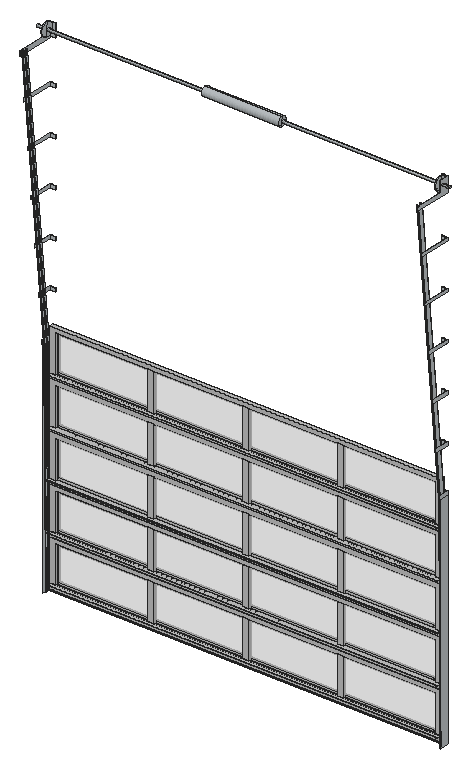
Revit family "Door_SectionalOverhead_RW_Polytite-VerticalLift", category Doors, host Wall, Revit 2026
Family settings
  Host = Wall
  Classification Number = 23.30.10.17.37.14
  Always vertical = Yes
  Cut with Voids When Loaded = No
  Shared = No
  Room Calculation Point = No
Parameters (values of type "ByType")
  Wind Load = ""
  Water Penetration = ""
  Standard Bottom [instance] = not(Solid Bottom Panel)  # yes
  Spring Width = Width + 1' 0"  # 16' - 0"
  Spring Length = 3' - 0"
  Spring Ht [instance] = (Height * 2) + 1' 3"  # 19' - 7"
  Sound Transmission Class (STC) = 0
  Solid Bottom Panel [instance] = no
  Shaft Diameter = 0' - 1"
  Revision = "R1_12-2011"
  RO Offset = 0' - 0"
  Panels = if(Height < 8' 2", 4, if(Height < 10' 2", 5, if(Height < 12' 2", 6, if(Height < 14' 2", 7, if(Height < 16' 2", 8, 9)))))  # 5
  Panel Material - Interior = Metal - Steel - Richards Wilcox - Painted - Silver - Ribbed
  Panel Material - Exterior = Metal - Steel - Richards Wilcox - Painted - Silver - Multi-Rib
  Panel Height = Height / Panels  # 1' - 10"
  Hardware Finish = Metal - Steel - Richards Wilcox - Galvanized
  Glass Thickness [instance] = 0' - 0 5/8"
  Function = Interior
  Frame Thickness = 0' - 4 3/4"
  Door Glazing = Plastic - Polycarbonate - Richards Wilcox - Translucent
  Define Thermal Properties by = Schematic Type
  Curve Radius = 1' - 0"
  CE Compliant = no
  Building Code Conformance = ""
  ArrayPanels [instance] = Panels - 2  # 3
  Analytic Construction = "<None>"
  Aluminum Material = Metal - Aluminum - Richards Wilcox - Anodized - Clear
  Air Infiltration = ""
  ASTM Conformance = ""
  Panel Width = Width + 0' 2"  # 15' - 2"
  Manufacturer Phone = "905-625-0037 "
  Warranty Duration (Years) = 0
  URL = "http://www.rwdoors.com/"
  Thickness = 0' - 1 3/4"
  Test Data = ""
  Specification = "http://www.arcat.com/sd/clients/richwilc.html?coid=43101"
  SpecWizard = "http://www.arcat.com/specwizard/clients/richwilc.html?coid=43101"
  Send Message = "http://www.arcat.com/users.pl?action=UserEmail&company=Richards-Wilcox%20Canada&coid=43101&rep=119&fax=905-625-0057&mf="
  Sales Information = "http://www.rwdoors.com/residential/en/contact.php"
  Rough Width = (Width + (RO Offset * 2))  # 15' - 0"
  Rough Height = (Height + (RO Offset))  # 9' - 2"
  R_Value = 2.5
  Product Properties = ""
  Product Data = "http://www.arcat.com/arcatcos/cos43/arc43101.html"
  Manufacturer Website = "http://www.rwdoors.com/"
  Manufacturer Phone - Toll Free = ""
  Manufacturer Fax = "905-625-0057"
  Manufacturer Address = "5100 Timberlea Blvd. Mississauga, ON Canada L4W 2S5\r\n"
  Maintenance Schedule (Months) = 0
  Installation-Fabrication = "http://www.rwdoors.com/"
  Installation Phase = ""
  Green Building-LEED = "http://www.arcat.com/green/clients/leed_data_43101.html"
  Model = "As Specified"
  Manufacturer = "Richards-Wilcox Canada"
  Keynote = "08360"
  Height = 9' - 2"
  Wall Closure = By host
  Width = 15' - 0"
  Fire Rating = ""
  Expected Lifespan (Years) = 0
  Drawn By = "Sumex Design, Inc. / Robert S. Weygant, CSI, CDT, SCIP"
  Description = "Richards-Wilcox Overhead Door as Specified"
  Copyright = "©Arcat Inc."
  Construction Details = "http://www.arcat.com/details/richwilc/richwilc.html?coid=43101"
  Building Codes = ""
  Assembly Code = "B2030410"
  ADA Compliant = yes
  AAMA Designation = ""
  3in Track [instance] = no
Reference planes (in)
  plane 1 "Center (Front/Back)": y = -33.96225
  plane 2 "Center (Left/Right)": x = 64.28704
  plane 3: z = 0
  plane 4 "Right": x = 154.28704
  plane 5 "Left": x = -25.71296
  plane 6: z = 0
  plane 7 "Top of Frame": z = 110
  plane 8 "RO Top": z = 110
  plane 9 "RO Right": x = 154.28704
  plane 10 "RO Left": x = -25.71296
  plane 11 "Exterior Wall Face": y = -30.96225
  plane 12 "Interior Wall Face": y = -36.96225
  plane 13: y = -37.08725
  plane 14: z = 23
  plane 15: z = 45
  plane 16: z = 1
  plane 17: y = -39.96225
Forms (in)
  Extrusion 1, solid, material "Rubber - Richards Wilcox - Black"
    sketch origin (-25.71296, 0, 0) x (0, 0, 1) y (0, 1, 0)
      loop
        arc (0.625, -37.21225) -> (0, -37.83725) -> (0.625, -38.46225) r 0.625
        line (0.625, -38.46225) -> (1, -38.46225) -> (1, -37.21225) -> (0.625, -37.21225)
    from 1 to -181
Lines and regions (in)
  Opening 1
    outline origin (-109.33485, -36.96225, 0) x (1, 0, 0) y (0, 0, 1)
      loop
        line (83.62189, 0) -> (263.62189, 0) -> (263.62189, 110) -> (83.62189, 110) -> (83.62189, 0)
Text (in)
  text "Exterior" at (50.54558, 62.1328, 0), in view "A101 - Plan View"
  text "Interior" at (50.54558, -116.72319, 0), in view "A101 - Plan View"
  text "Exterior" at (0, -17.98638, 123.01588), in view "Right"
  text "Interior" at (0, -64.39139, 123.01588), in view "Right"
  text "Interior" at (0, -52.09468, 121.14095), in view "Left"
  text "Exterior" at (0, 26.35325, 123.00693), in view "Left"
Dimensions and locks (in)
  equal spacing: plane 4 "Right", plane 2 "Center (Left/Right)", plane 5 "Left"
  "Width": plane 5 "Left" to plane 4 "Right"
  "Height": level to plane 7 "Top of Frame"
  "RO Offset": plane 5 "Left" to plane 10 "RO Left"
  "RO Offset": plane 9 "RO Right" to plane 4 "Right"
  "RO Offset": plane 8 "RO Top" to plane 7 "Top of Frame"
  locked: plane 13 to plane 12 "Interior Wall Face" at 0.125
  "Panel Height": plane 16 to plane 14
  "Panel Height": plane 14 to plane 15
  locked: level to plane 16 at 1
  locked: plane 4 "Right" to Extrusion 1 at 1
  locked: plane 12 "Interior Wall Face" to plane 17 at 3
  "Spring Ht": level to nested 5
  equal spacing: group 1, group 2, group 3  (x3)
  "Height": plane 16 to nested 2
  aligned and locked: host wall to plane 1 "Center (Front/Back)"
  aligned and locked: Opening 1 sketch curve to level
  aligned and locked: plane 9 "RO Right" to Opening 1 sketch curve
  aligned and locked: plane 10 "RO Left" to Opening 1 sketch curve
  aligned and locked: Opening 1 sketch curve to plane 8 "RO Top"
  aligned and locked: host wall to plane 11 "Exterior Wall Face"
  aligned and locked: host wall to plane 12 "Interior Wall Face"
  aligned and locked: plane 2 "Center (Left/Right)" to nested 1
  aligned and locked: nested 1 to plane 13
  aligned and locked: plane 16 to nested 1
  aligned and locked: plane 2 "Center (Left/Right)" to nested 2
  aligned and locked: plane 13 to nested 2
  aligned and locked: nested 4 to plane 4 "Right"
  aligned and locked: nested 3 to plane 5 "Left"
  aligned and locked: nested 3 to plane 12 "Interior Wall Face"
  aligned and locked: nested 4 to plane 12 "Interior Wall Face"
  aligned and locked: plane 2 "Center (Left/Right)" to nested 5
  aligned and locked: plane 2 "Center (Left/Right)" to nested 6
  aligned and locked: plane 2 "Center (Left/Right)" to nested 7
  aligned and locked: plane 14 to nested 6
  aligned and locked: plane 15 to nested 7
  aligned and locked: plane 16 to nested 9
  aligned and locked: plane 2 "Center (Left/Right)" to nested 9
  aligned and locked: nested 9 to plane 13
  aligned and locked: plane 13 to nested 6
  aligned and locked: plane 13 to nested 7
Automatic sketch dimensions
  Extrusion 1 sketch curve to plane 16 = 0' - 0"
  Extrusion 1 sketch curve to Extrusion 1 sketch curve = 0' - 0 3/8"
  Extrusion 1 sketch curve to plane 13 = 0' - 0 1/8"
  Extrusion 1 sketch curve to Extrusion 1 sketch curve = 0' - 0 5/8"
Nested families (in)
  nested 1: "Panel_Polytite" at (64.28704, -37.96225, 1), Glass Type <- "Door Glazing", Unit Width <- "Panel Width", Unit Height <- "Panel Height", Unit Depth <- "Thickness", Glass Thickness <- "Glass Thickness", visible <- "Standard Bottom", type "Panel_Polytite"
    with offset 0' - 0", Unit Width 15' - 2", Unit Height 1' - 10", Unit Depth 0' - 1 3/4", Top Panel no, Stile Width_Sides 0' - 2 1/2", Spc 3' - 8 1/4", SingleMullion no, Rail Width_Top 0' - 2 1/4", Rail Width_Bottom 0' - 2 9/16", MultiMullion yes, Muls Actual 3, Mullion Height 1' - 5 3/16", Glass Type Plastic - Polycarbonate - Richards Wilcox - Translucent, Glass Thickness 0' - 0 5/8", Double End Roller Brackets no, Bottom Panel yes, # Mullions 3
  nested 2: "Panel_Polytite" at (64.28704, -37.96225, 89), Glass Type <- "Door Glazing", Unit Width <- "Panel Width", Unit Height <- "Panel Height", Unit Depth <- "Thickness", Glass Thickness <- "Glass Thickness", type "Panel_Polytite"
    with offset 0' - 0", Unit Width 15' - 2", Unit Height 1' - 10", Unit Depth 0' - 1 3/4", Top Panel yes, Stile Width_Sides 0' - 2 1/2", Spc 3' - 8 1/4", SingleMullion no, Rail Width_Top 0' - 2 3/16", Rail Width_Bottom 0' - 2 1/4", MultiMullion yes, Muls Actual 3, Mullion Height 1' - 5 9/16", Glass Type Plastic - Polycarbonate - Richards Wilcox - Translucent, Glass Thickness 0' - 0 5/8", Double End Roller Brackets no, Bottom Panel no, # Mullions 3
  nested 3: "Track_Vertical" at (-25.71296, -36.96225, 0), 3in Track <- "3in Track", Material <- "Hardware Finish", Unit Height <- "Height", type "Track_Vertical"
    with offset 0' - 0", Vert Height 10' - 2", VOffset 1' - 0.82272", Unit Height 9' - 2", Track Depth 0' - 2", Material Metal - Steel - Richards Wilcox - Galvanized, A 0' - 1 1/2", 3in Track no
  nested 4: "Track_Vertical" at (154.28704, -36.96225, 0) x (-1, 0, 0) z (0, 0, 1), 3in Track <- "3in Track", Material <- "Hardware Finish", Unit Height <- "Height", type "Track_Vertical"
    with offset 0' - 0", Vert Height 10' - 2", VOffset 1' - 0.82272", Unit Height 9' - 2", Track Depth 0' - 2", Material Metal - Steel - Richards Wilcox - Galvanized, A 0' - 1 1/2", 3in Track no
  nested 5: "Spring" at (64.28704, -39.96225, 235) x (1, 0, 0) z (0, -1, 0), Material <- "Hardware Finish", Unit Width <- "Spring Width", Spring Length <- "Spring Length", type "Spring"
    with offset 0' - 0", Unit Width 16' - 0", Spring Length 3' - 0", Material Metal - Steel - Richards Wilcox - Galvanized
  nested 6: "Panel_Polytite" at (64.28704, -37.96225, 23), Glass Type <- "Door Glazing", Unit Width <- "Panel Width", Unit Height <- "Panel Height", Unit Depth <- "Thickness", Glass Thickness <- "Glass Thickness", type "Panel_Polytite"
    with offset 0' - 0", Unit Width 15' - 2", Unit Height 1' - 10", Unit Depth 0' - 1 3/4", Top Panel no, Stile Width_Sides 0' - 2 1/2", Spc 3' - 8 1/4", SingleMullion no, Rail Width_Top 0' - 2 1/4", Rail Width_Bottom 0' - 2 1/4", MultiMullion yes, Muls Actual 3, Mullion Height 1' - 5 1/2", Glass Type Plastic - Polycarbonate - Richards Wilcox - Translucent, Glass Thickness 0' - 0 5/8", Double End Roller Brackets no, Bottom Panel no, # Mullions 3
  nested 7: "Panel_Polytite" at (64.28704, -37.96225, 45), Glass Type <- "Door Glazing", Unit Width <- "Panel Width", Unit Height <- "Panel Height", Unit Depth <- "Thickness", Glass Thickness <- "Glass Thickness", type "Panel_Polytite"
    with offset 0' - 0", Unit Width 15' - 2", Unit Height 1' - 10", Unit Depth 0' - 1 3/4", Top Panel no, Stile Width_Sides 0' - 2 1/2", Spc 3' - 8 1/4", SingleMullion no, Rail Width_Top 0' - 2 1/4", Rail Width_Bottom 0' - 2 1/4", MultiMullion yes, Muls Actual 3, Mullion Height 1' - 5 1/2", Glass Type Plastic - Polycarbonate - Richards Wilcox - Translucent, Glass Thickness 0' - 0 5/8", Double End Roller Brackets no, Bottom Panel no, # Mullions 3
  nested 8: "Panel_Polytite" at (64.28704, -37.96225, 67), Glass Type <- "Door Glazing", Unit Width <- "Panel Width", Unit Height <- "Panel Height", Unit Depth <- "Thickness", Glass Thickness <- "Glass Thickness", type "Panel_Polytite"
    with offset 0' - 0", Unit Width 15' - 2", Unit Height 1' - 10", Unit Depth 0' - 1 3/4", Top Panel no, Stile Width_Sides 0' - 2 1/2", Spc 3' - 8 1/4", SingleMullion no, Rail Width_Top 0' - 2 1/4", Rail Width_Bottom 0' - 2 1/4", MultiMullion yes, Muls Actual 3, Mullion Height 1' - 5 1/2", Glass Type Plastic - Polycarbonate - Richards Wilcox - Translucent, Glass Thickness 0' - 0 5/8", Double End Roller Brackets no, Bottom Panel no, # Mullions 3
  nested 9: "Panel_Standard" at (64.28704, -37.96225, 1), Glass Type <- "Door Glazing", Unit Width <- "Panel Width", Unit Height <- "Panel Height", Unit Depth <- "Thickness", Glass Thickness <- "Glass Thickness", visible <- "Solid Bottom Panel", type "No Windows"
    with Void Space 3' - 9 1/2", Void CL 1' - 10 3/4", Unit Width 15' - 2", Unit Height 1' - 10", Unit Depth 0' - 1 3/4", Glass Type Plastic - Polycarbonate - Richards Wilcox - Translucent, Glass Thickness 0' - 0 5/8", # Windows 4, Window Width 1' - 0", Window Height 0' - 8", Windows no, VoidDepth 0' - 0 1/2"
Definition of nested family "Panel_Polytite"
  Parameters
    offset [instance] = 0' - 0"
    Top Panel [instance] = no
    Spc [instance] = (Unit Width - (Stile Width_Sides * 2)) / (# Mullions + 1)  # 3' - 2.8"
    SingleMullion [instance] = # Mullions = 1  # no
    Rail Width_Top [instance] = if(Top Panel, 0' 2 3/16", 0' 2 1/4")  # 0' - 2 1/4"
    Stile Width_Sides [instance] = if(Double End Roller Brackets, 0' 5", 0' 2 1/2")  # 0' - 5"
    Rail Width_Bottom [instance] = if(Bottom Panel, 0' 2 9/16", 0' 2 1/4")  # 0' - 2 1/4"
    MultiMullion [instance] = # Mullions > 1  # yes
    Muls Actual [instance] = if(# Mullions > 1, # Mullions, 2)  # 4
    Mullion Width = 0' - 3"
    Mullion Height [instance] = Unit Height - Rail Width_Top - Rail Width_Bottom  # 1' - 7 1/2"
    Mullion Depth = 0' - 0 7/8"
    Glass Thickness [instance] = 0' - 0 5/8"
    Double End Roller Brackets [instance] = Unit Width > 16' 2"  # yes
    Bottom Panel [instance] = no
    # Mullions [instance] = if(Unit Width < 9' 3", 1, if(Unit Width < 12' 3", 2, if(Unit Width < 16' 3", 3, if(Unit Width < 19' 3", 4, 5))))  # 4
    Warranty Duration (Years) = 0
    Unit Width [instance] = 17' - 0"
    Unit Height [instance] = 2' - 0"
    Unit Depth [instance] = 0' - 1 3/4"
    URL = "http://www.rwdoors.com/"
    Specification = "http://www.arcat.com/sd/clients/richwilc.html?coid=43101"
    SpecWizard = "http://www.arcat.com/specwizard/clients/richwilc.html?coid=43101"
    Send Message = "http://www.arcat.com/users.pl?action=UserEmail&company=Richards-Wilcox%20Canada&coid=43101&rep=119&fax=905-625-0057&mf="
    Sales Information = "http://www.rwdoors.com/residential/en/contact.php"
    Revision = "R1_12-2011"
    Product Properties = ""
    Product Data = "http://www.arcat.com/arcatcos/cos43/arc43101.html"
    Model = "As Specified"
    Manufacturer Website = "http://www.rwdoors.com/"
    Manufacturer Phone - Toll Free = ""
    Manufacturer Phone = "905-625-0037 "
    Manufacturer Fax = "905-625-0057"
    Manufacturer Address = "5100 Timberlea Blvd. Mississauga, ON Canada L4W 2S5"
    Manufacturer = "Richards-Wilcox Canada"
    Maintenance Schedule (Months) = 0
    Keynote = "08360"
    Installation-Fabrication = "http://www.rwdoors.com/"
    Installation Phase = ""
    Green Building-LEED = "http://www.arcat.com/green/clients/leed_data_43101.html"
    Glass Type [instance] = none
    Frame Material = none
    Expected Lifespan (Years) = 0
    Drawn By = "Sumex Design, Inc. / Robert S. Weygant, CSI, CDT, SCIP"
    Description = "Richards-Wilcox Overhead Door as Specified"
    Copyright = "©Arcat Inc."
    Construction Details = "http://www.arcat.com/details/richwilc/richwilc.html?coid=43101"
    Assembly Code = "B2030410"
  Reference planes (in)
    plane 1 "Center (Front/Back)": y = 0
    plane 2 "Bottom": z = 0
    plane 3 "Center (Left/Right)": x = 0
    plane 4 "Front": y = -0.875
    plane 5 "Back": y = 0.875
    plane 6 "Left": x = -102
    plane 7 "Right": x = 102
    plane 8 "Top": z = 24
    plane 9: z = 12
    plane 10: z = 21.75
    plane 11: z = 2.25
    plane 12: x = -97
    plane 13: x = 97
    plane 14: y = 0.125
    plane 15: y = 0.75
  Forms (in)
    Extrusion 1, solid, material <- "Frame Material"
      sketch origin (-11.94222, 0.875, 48) x (-1, 0, 0) y (0, 0, 1)
        loop
          line (90.05778, -24) -> (-113.94222, -24) -> (-113.94222, -48) -> (90.05778, -48) -> (90.05778, -24)
        loop
          line (-108.94222, -45.75) -> (85.05778, -45.75) -> (85.05778, -26.25) -> (-108.94222, -26.25) -> (-108.94222, -45.75)
      from 0 to -1.75
    Extrusion 2, solid, material <- "Glass Type"
      sketch origin (0, 0.75, 21.375) x (0, 0, -1) y (-1, 0, 0)
        loop
          line (-0.25, 96.875) -> (-0.25, -96.875) -> (19, -96.875) -> (19, 96.875) -> (-0.25, 96.875)
      from -0.625 to 0
    Extrusion 3, solid, material <- "Frame Material"
      sketch origin (-102, 16.34522, 48) x (0, 1, 0) y (0, 0, 1)
        loop
          line (-17.22022, -45.75) -> (-18.97022, -45.75) -> (-18.97022, -45.855) -> (-17.22022, -45.855) -> (-17.22022, -45.75)
      from 0 to 204
    Sweep 4, solid, material <- "Frame Material"
      path origin (0, 0.125, 21.02117) x (0, 0, -1) y (-1, 0, 0)
        loop
          line (-0.72883, 97) -> (-0.72883, -97) -> (18.77117, -97) -> (18.77117, 97) -> (-0.72883, 97)
      profile origin (0, 0.125, 21.75) x (0, 0, -1) y (0, 1, 0)
        loop
          line (0.125, 0) -> (0.125, 0.625) -> (0.75, 0.625) -> (0.75, 0.75) -> (0, 0.75) -> (0, -0.125) -> (0.75, -0.125) -> (0.75, 0) -> (0.125, 0)
  Cuts and joins
    joined: Extrusion 1, Extrusion 3
  Dimensions and locks (in)
    equal spacing: plane 6 "Left", plane 3 "Center (Left/Right)", plane 7 "Right"
    "Unit Width": plane 6 "Left" to plane 7 "Right"
    equal spacing: plane 5 "Back", plane 1 "Center (Front/Back)", plane 4 "Front"
    "Unit Depth": plane 5 "Back" to plane 4 "Front"
    "Unit Height": plane 8 "Top" to level
    equal spacing: plane 8 "Top", plane 9, level
    "Stile Width_Sides": plane 7 "Right" to plane 13
    "Stile Width_Sides": plane 12 to plane 6 "Left"
    "Rail Width_Top": plane 8 "Top" to plane 10
    "Rail Width_Bottom": plane 11 to level
    equal spacing: group 1, group 3, group 4, group 2  (x3)
    "Spc": plane 12 to nested 1
    "Spc": nested 2 to plane 13
    "Glass Thickness": plane 15 to plane 14
    locked: Sweep 4 sketch curve to plane 15 at 0.125
    locked: plane 5 "Back" to plane 15 at 0.125
    aligned and locked: Extrusion 1 to plane 4 "Front"
    aligned and locked: plane 7 "Right" to Extrusion 3
    aligned and locked: plane 11 to nested 2
    aligned and locked: plane 11 to nested 1
    aligned and locked: Extrusion 2 to plane 14
    aligned and locked: plane 11 to nested 4
    aligned and locked: plane 3 "Center (Left/Right)" to nested 4
    aligned and locked: plane 4 "Front" to nested 1
    aligned and locked: nested 2 to plane 4 "Front"
    aligned and locked: plane 4 "Front" to nested 4
    aligned and locked: Sweep 4 sketch curve to plane 15
  Automatic sketch dimensions
    Extrusion 1 sketch curve to plane 7 "Right" = 0' - 0"
    Extrusion 1 sketch curve to plane 10 = 0' - 0"
    Extrusion 1 sketch curve to plane 13 = 0' - 0"
    Extrusion 1 sketch curve to plane 11 = 0' - 0"
    Extrusion 1 sketch curve to plane 12 = 0' - 0"
    Extrusion 1 sketch curve to plane 6 "Left" = 0' - 0"
    Extrusion 1 sketch curve to level = 0' - 0"
    Extrusion 1 sketch curve to plane 8 "Top" = 0' - 0"
    Extrusion 3 sketch curve to plane 11 = 0' - 0"
    Extrusion 3 sketch curve to plane 4 "Front" = 0' - 0"
    Extrusion 3 sketch curve to plane 11 = 0' - 0.105"
    Extrusion 3 sketch curve to plane 4 "Front" = 0' - 1 3/4"
    Extrusion 2 sketch curve to plane 10 = 0' - 0 1/8"
    plane 11 to Extrusion 2 sketch curve = 0' - 0 1/8"
    Extrusion 2 sketch curve to plane 13 = 0' - 0 1/8"
    plane 12 to Extrusion 2 sketch curve = 0' - 0 1/8"
    Sweep 4 sketch curve to plane 10 = 0' - 0"
    Sweep 4 sketch curve to plane 11 = 0' - 0"
    Sweep 4 sketch curve to plane 13 = 0' - 0"
    Sweep 4 sketch curve to plane 12 = 0' - 0"
    Sweep 4 sketch curve to plane 14 = 0' - 0"
    Sweep 4 sketch curve to profile plane = 0' - 0 1/8"
    Sweep 4 sketch curve to Sweep 4 sketch curve = 0' - 0 5/8"
    Sweep 4 sketch curve to Sweep 4 sketch curve = 0' - 0"
    Sweep 4 sketch curve to plane 14 = 0' - 0 1/8"
    Sweep 4 sketch curve to profile plane = 0' - 0"
  Nested families (in)
    nested 1: "Mullion" at (-58.2, -0.4375, 2.25), Material <- "Frame Material", Unit Width <- "Mullion Width", Unit Height <- "Mullion Height", Unit Depth <- "Mullion Depth", visible <- "MultiMullion", type "Mullion"
      with offset 0' - 0", Unit Width 0' - 3", Unit Height 1' - 7 1/2", Unit Depth 0' - 0 7/8", Material none
    nested 2: "Mullion" at (58.2, -0.4375, 2.25), Material <- "Frame Material", Unit Width <- "Mullion Width", Unit Height <- "Mullion Height", Unit Depth <- "Mullion Depth", visible <- "MultiMullion", type "Mullion"
      with offset 0' - 0", Unit Width 0' - 3", Unit Height 1' - 7 1/2", Unit Depth 0' - 0 7/8", Material none
    nested 3: "Mullion" at (-19.4, -0.4375, 2.25), Material <- "Frame Material", Unit Width <- "Mullion Width", Unit Height <- "Mullion Height", Unit Depth <- "Mullion Depth", visible <- "MultiMullion", type "Mullion"
      with offset 0' - 0", Unit Width 0' - 3", Unit Height 1' - 7 1/2", Unit Depth 0' - 0 7/8", Material none
    nested 4: "Mullion" at (0, -0.4375, 2.25), Material <- "Frame Material", Unit Width <- "Mullion Width", Unit Height <- "Mullion Height", Unit Depth <- "Mullion Depth", visible <- "SingleMullion", type "Mullion"
      with offset 0' - 0", Unit Width 0' - 3", Unit Height 1' - 7 1/2", Unit Depth 0' - 0 7/8", Material none
    nested 5: "Mullion" at (19.4, -0.4375, 2.25), Material <- "Frame Material", Unit Width <- "Mullion Width", Unit Height <- "Mullion Height", Unit Depth <- "Mullion Depth", visible <- "MultiMullion", type "Mullion"
      with offset 0' - 0", Unit Width 0' - 3", Unit Height 1' - 7 1/2", Unit Depth 0' - 0 7/8", Material none
  Definition of nested family "Mullion"
    Parameters
      offset [instance] = 0' - 0"
      Warranty Duration (Years) = 0
      Unit Width [instance] = 0' - 2"
      Unit Height [instance] = 2' - 0"
      Unit Depth [instance] = 0' - 1 1/2"
      URL = "http://www.rwdoors.com/"
      Specification = "http://www.arcat.com/sd/clients/richwilc.html?coid=43101"
      SpecWizard = "http://www.arcat.com/specwizard/clients/richwilc.html?coid=43101"
      Send Message = "http://www.arcat.com/users.pl?action=UserEmail&company=Richards-Wilcox%20Canada&coid=43101&rep=119&fax=905-625-0057&mf="
      Sales Information = "http://www.rwdoors.com/residential/en/contact.php"
      Revision = "R1_12-2011"
      Product Properties = ""
      Product Data = "http://www.arcat.com/arcatcos/cos43/arc43101.html"
      Model = "As Specified"
      Material [instance] = none
      Manufacturer Website = "http://www.rwdoors.com/"
      Manufacturer Phone - Toll Free = ""
      Manufacturer Phone = "905-625-0037 "
      Manufacturer Fax = "905-625-0057"
      Manufacturer Address = "5100 Timberlea Blvd. Mississauga, ON Canada L4W 2S5"
      Manufacturer = "Richards-Wilcox Canada"
      Maintenance Schedule (Months) = 0
      Keynote = "08360"
      Installation-Fabrication = "http://www.rwdoors.com/"
      Installation Phase = ""
      Green Building-LEED = "http://www.arcat.com/green/clients/leed_data_43101.html"
      Expected Lifespan (Years) = 0
      Drawn By = "Sumex Design, Inc. / Robert S. Weygant, CSI, CDT, SCIP"
      Description = "Richards-Wilcox Overhead Door as Specified"
      Default Elevation = 4' - 0"
      Copyright = "©Arcat Inc."
      Construction Details = "http://www.arcat.com/details/richwilc/richwilc.html?coid=43101"
      Assembly Code = "B2030410"
    Reference planes (in)
      plane 1 "Center (Front/Back)": y = 0
      plane 2 "Bottom": z = 0
      plane 3 "Center (Left/Right)": x = 0
      plane 4 "Front": y = -0.75
      plane 5 "Back": y = 0.75
      plane 6 "Left": x = -1
      plane 7 "Right": x = 1
      plane 8 "Top": z = 24
    Forms (in)
      Extrusion 1, solid, material <- "Material"
        sketch origin (0, 0, 0) x (1, 0, 0) y (0, 1, 0)
          loop
            line (-1, 0.75) -> (-1, -0.75) -> (1, -0.75) -> (1, 0.75) -> (-1, 0.75)
        from 0 to 24
    Dimensions and locks (in)
      equal spacing: plane 6 "Left", plane 3 "Center (Left/Right)", plane 7 "Right"
      "Unit Width": plane 6 "Left" to plane 7 "Right"
      equal spacing: plane 5 "Back", plane 1 "Center (Front/Back)", plane 4 "Front"
      "Unit Depth": plane 5 "Back" to plane 4 "Front"
      "Unit Height": plane 8 "Top" to level
      aligned and locked: plane 8 "Top" to Extrusion 1
    Automatic sketch dimensions
      Extrusion 1 sketch curve to plane 4 "Front" = 0' - 0"
      Extrusion 1 sketch curve to plane 6 "Left" = 0' - 0"
      Extrusion 1 sketch curve to plane 7 "Right" = 0' - 0"
      Extrusion 1 sketch curve to plane 5 "Back" = 0' - 0"
Definition of nested family "Track_Vertical"
  Parameters
    offset [instance] = 0' - 0"
    Warranty Duration (Years) = 0
    VOffset [instance] = Vert Height / tan(84.00°)  # 0' - 11.35126"
    Unit Height [instance] = 8' - 0"
    Unit Depth = 2' - 8"
    URL = "http://www.rwdoors.com/"
    Track Depth [instance] = if([3in Track], 0' 3", 0' 2")  # 0' - 2"
    Specification = "http://www.arcat.com/sd/clients/richwilc.html?coid=43101"
    SpecWizard = "http://www.arcat.com/specwizard/clients/richwilc.html?coid=43101"
    Send Message = "http://www.arcat.com/users.pl?action=UserEmail&company=Richards-Wilcox%20Canada&coid=43101&rep=119&fax=905-625-0057&mf="
    Sales Information = "http://www.rwdoors.com/residential/en/contact.php"
    Revision = "R1_12-2011"
    Product Properties = ""
    Product Data = "http://www.arcat.com/arcatcos/cos43/arc43101.html"
    Model = "As Specified"
    Material [instance] = none
    Manufacturer Website = "http://www.rwdoors.com/"
    Manufacturer Phone - Toll Free = ""
    Manufacturer Phone = "905-625-0037 "
    Manufacturer Fax = "905-625-0057"
    Manufacturer Address = "5100 Timberlea Blvd. Mississauga, ON Canada L4W 2S5"
    Manufacturer = "Richards-Wilcox Canada"
    Maintenance Schedule (Months) = 0
    Keynote = "08360"
    Installation-Fabrication = "http://www.rwdoors.com/"
    Installation Phase = ""
    Vert Height [instance] = Unit Height + 1' 0"  # 9' - 0"
    Green Building-LEED = "http://www.arcat.com/green/clients/leed_data_43101.html"
    Expected Lifespan (Years) = 0
    Drawn By = "Sumex Design, Inc. / Robert S. Weygant, CSI, CDT, SCIP"
    Description = "Richards-Wilcox Overhead Door as Specified"
    Copyright = "©Arcat Inc."
    Construction Details = "http://www.arcat.com/details/richwilc/richwilc.html?coid=43101"
    Assembly Code = "B2030410"
    A [instance] = if([3in Track], 0' 2", 0' 1 1/2")  # 0' - 1 1/2"
    3in Track [instance] = no
  Reference planes (in)
    plane 1 "Center (Front/Back)": y = 0
    plane 2 "Bottom": z = 0
    plane 3 "Center (Left/Right)": x = 0
    plane 4 "Front": y = -1.25
    plane 5 "Left": x = -2.5
    plane 6 "Top": z = 96
    plane 7: x = -1
    plane 8: y = -4.125
    plane 9: z = 90
    plane 10: z = 204
    plane 11: y = -2.125
    plane 12: y = -13.47626
    plane 13: z = 109
    plane 14: z = 147
    plane 15: z = 166
    plane 16: z = 185
    plane 17: z = 128
    plane 18: y = -11.58438
    plane 19: y = -7.80063
    plane 20: y = -9.6925
    plane 21: y = -5.90875
    plane 22: y = -4.01688
  Forms (in)
    Extrusion 1, solid, material <- "Material"
      sketch origin (0, 0, 0) x (1, 0, 0) y (0, 1, 0)
        loop
          line (0, 0) -> (-2.625, 0) -> (-2.625, -4.125) -> (-2.5, -4.125) -> (-2.5, -0.125) -> (0, -0.125) -> (0, 0)
      from 0 to 90
    Sweep 2, solid, material <- "Material"
      path origin (-2.5, 16.34522, 48) x (0, 1, 0) y (0, 0, 1)
        loop
          line (-17.59522, -48) -> (-18.47022, 42) -> (-29.82148, 156)
      profile "P_Track : P_Track" origin (-2.5, -1.6875, 45) x (0, -0.999953, -0.009722) y (1, 0, 0)
        loop
          arc (1.76293, 0.15319) -> (2, 0.48863) -> (1.76293, 0.82407) r 0.35585
          line (1.76293, 0.82407) -> (1.65236, 0.86323) -> (1.63109, 0.80315) -> (1.74166, 0.76399)
          arc (1.74166, 0.76399) -> (1.93627, 0.48863) -> (1.74166, 0.21327) r 0.29212
          line (1.74166, 0.21327) -> (1.41842, 0.06373) -> (0.06373, 0.06373) -> (0.06373, 0.86041) -> (0, 0.86041) -> (0, 0) -> (1.41842, 0) -> (1.76293, 0.15319)
    Extrusion 3, solid, material <- "Material"
      sketch origin (-16.65552, -180, 204) x (-1, 0, 0) y (0, -1, 0)
        loop
          line (-16.65552, -180) -> (-14.03052, -180) -> (-14.03052, -175.875) -> (-14.15552, -175.875) -> (-14.15552, -179.875) -> (-16.65552, -179.875) -> (-16.65552, -180)
      from -1.41096 to 5
    Sweep 4, solid, material <- "Material"
      path origin (-2.5, 16.34522, 48) x (0, 1, 0) y (0, 0, 1)
        loop
          line (-16.47022, 156) -> (-32.32148, 156)
      profile origin (-2.5, -8.05063, 204) x (0, 0, -1) y (1, 0, 0)
        loop
          line (0, 0) -> (0, -0.125) -> (2, -0.125) -> (2, 0) -> (0, 0)
    Extrusion 5, solid, material <- "Material"
      sketch origin (-14.80658, -180, 90) x (-1, 0, 0) y (0, -1, 0)
        loop
          line (-12.30658, -179.875) -> (-14.80658, -179.875) -> (-14.80658, -180) -> (-12.18158, -180) -> (-12.18158, -175.375) -> (-12.30658, -175.375) -> (-12.30658, -179.875)
      from 0 to 1.5
    Extrusion 6, solid, material <- "Material"
      sketch origin (0, 6.15666, 109) x (0, 1, 0) y (-1, 0, 0)
        loop
          line (-6.28166, 2.5) -> (-6.28166, 0) -> (-6.15666, 0) -> (-6.15666, 2.625) -> (-12.67353, 2.625) -> (-12.67353, 2.5) -> (-6.28166, 2.5)
      from 0.75 to -0.75
    Extrusion 7, solid, material <- "Material"
      sketch origin (0, 4.49519, 128) x (0, 1, 0) y (-1, 0, 0)
        loop
          line (-4.62019, 2.5) -> (-4.62019, 0) -> (-4.49519, 0) -> (-4.49519, 2.625) -> (-12.90394, 2.625) -> (-12.90394, 2.5) -> (-4.62019, 2.5)
      from 0.75 to -0.75
    Extrusion 8, solid, material <- "Material"
      sketch origin (0, 14.9624, 147) x (0, 1, 0) y (-1, 0, 0)
        loop
          line (-15.0874, 2.5) -> (-15.0874, 0) -> (-14.9624, 0) -> (-14.9624, 2.625) -> (-25.26303, 2.625) -> (-25.26303, 2.5) -> (-15.0874, 2.5)
      from 0.75 to -0.75
    Extrusion 9, solid, material <- "Material"
      sketch origin (0, 18.45147, 166) x (0, 1, 0) y (-1, 0, 0)
        loop
          line (-18.57647, 2.5) -> (-18.57647, 0) -> (-18.45147, 0) -> (-18.45147, 2.625) -> (-30.64398, 2.625) -> (-30.64398, 2.5) -> (-18.57647, 2.5)
      from 0.75 to -0.75
    Extrusion 10, solid, material <- "Material"
      sketch origin (0, 14.9624, 185) x (0, 1, 0) y (-1, 0, 0)
        loop
          line (-15.0874, 2.5) -> (-15.0874, 0) -> (-14.9624, 0) -> (-14.9624, 2.625) -> (-29.04678, 2.625) -> (-29.04678, 2.5) -> (-15.0874, 2.5)
      from 0.75 to -0.75
  Cuts and joins
    joined: Extrusion 3, Sweep 4
  Dimensions and locks (in)
    locked: plane 1 "Center (Front/Back)" to plane 4 "Front" at 1.25
    locked: plane 7 to plane 3 "Center (Left/Right)" at 1
    "A": plane 5 "Left" to plane 7
    locked: plane 8 to plane 1 "Center (Front/Back)" at 4.125
    "Unit Height": plane 6 "Top" to level
    locked: plane 6 "Top" to plane 9 at 6
    "Vert Height": plane 10 to plane 6 "Top"
    "VOffset": plane 11 to plane 12
    locked: plane 11 to plane 8 at 2
    locked: Extrusion 3 to plane 10 at 5
    locked: plane 11 to Extrusion 5 sketch curve at 2.5
    plane 11 to plane 12 = 0' - 11.35126"
    equal spacing: plane 10, plane 16, plane 15, plane 14, plane 17, plane 13, plane 9
    equal spacing: plane 11, plane 22, plane 21, plane 19, plane 20, plane 18, plane 12
    locked: plane 22 to Extrusion 6 sketch curve at 2.5
    locked: Extrusion 7 sketch curve to plane 21 at 2.5
    locked: Extrusion 8 sketch curve to plane 19 at 2.5
    locked: Extrusion 9 sketch curve to plane 20 at 2.5
    locked: Extrusion 10 sketch curve to plane 18 at 2.5
    aligned and locked: plane 9 to Extrusion 1
  Automatic sketch dimensions
    Extrusion 1 sketch curve to plane 8 = 0' - 0"
    Extrusion 1 sketch curve to plane 5 "Left" = 0' - 0"
    Extrusion 1 sketch curve to plane 3 "Center (Left/Right)" = 0' - 0"
    Extrusion 1 sketch curve to plane 1 "Center (Front/Back)" = 0' - 0"
    Extrusion 1 sketch curve to plane 5 "Left" = 0' - 0 1/8"
    Extrusion 1 sketch curve to Extrusion 1 sketch curve = 0' - 0 1/8"
    Sweep 4 sketch curve to profile plane = 0' - 0"
    Sweep 4 sketch curve to plane 5 "Left" = 0' - 0"
    Sweep 4 sketch curve to profile plane = 0' - 2"
    Sweep 4 sketch curve to Sweep 4 sketch curve = 0' - 0 1/8"
    Extrusion 5 sketch curve to plane 3 "Center (Left/Right)" = 0' - 0"
    Extrusion 5 sketch curve to plane 5 "Left" = 0' - 0"
    Extrusion 5 sketch curve to plane 1 "Center (Front/Back)" = 0' - 0"
    Extrusion 5 sketch curve to plane 5 "Left" = 0' - 0 1/8"
    plane 1 "Center (Front/Back)" to Extrusion 5 sketch curve = 0' - 0 1/8"
    Extrusion 6 sketch curve to plane 5 "Left" = 0' - 0"
    Extrusion 6 sketch curve to plane 3 "Center (Left/Right)" = 0' - 0"
    Extrusion 6 sketch curve to plane 1 "Center (Front/Back)" = 0' - 0"
    plane 1 "Center (Front/Back)" to Extrusion 6 sketch curve = 0' - 0 1/8"
    Extrusion 6 sketch curve to plane 5 "Left" = 0' - 0 1/8"
    Sweep 4 sketch curve to plane 10 = 0' - 0"
    plane 1 "Center (Front/Back)" to Sweep 4 sketch curve = 0' - 0 1/8"
    plane 12 to Sweep 4 sketch curve = 0' - 2 1/2"
    Sweep 2 sketch curve to level = 0' - 0"
    Sweep 2 sketch curve to plane 4 "Front" = 0' - 0"
    Sweep 2 sketch curve to plane 9 = 0' - 0"
    Sweep 2 sketch curve to plane 11 = 0' - 0"
    Sweep 2 sketch curve to plane 10 = 0' - 0"
    Sweep 2 sketch curve to plane 12 = 0' - 0"
    Extrusion 3 sketch curve to plane 1 "Center (Front/Back)" = 0' - 0"
    Extrusion 3 sketch curve to plane 3 "Center (Left/Right)" = 0' - 0"
    Extrusion 3 sketch curve to plane 5 "Left" = 0' - 0"
    Extrusion 3 sketch curve to plane 8 = 0' - 0"
    Extrusion 3 sketch curve to plane 5 "Left" = 0' - 0 1/8"
    plane 1 "Center (Front/Back)" to Extrusion 3 sketch curve = 0' - 0 1/8"
    Extrusion 7 sketch curve to plane 5 "Left" = 0' - 0"
    Extrusion 7 sketch curve to plane 3 "Center (Left/Right)" = 0' - 0"
    Extrusion 7 sketch curve to plane 1 "Center (Front/Back)" = 0' - 0"
    plane 1 "Center (Front/Back)" to Extrusion 7 sketch curve = 0' - 0 1/8"
    Extrusion 7 sketch curve to plane 5 "Left" = 0' - 0 1/8"
    Extrusion 8 sketch curve to plane 5 "Left" = 0' - 0"
    Extrusion 8 sketch curve to plane 3 "Center (Left/Right)" = 0' - 0"
    Extrusion 8 sketch curve to plane 1 "Center (Front/Back)" = 0' - 0"
    plane 1 "Center (Front/Back)" to Extrusion 8 sketch curve = 0' - 0 1/8"
    Extrusion 8 sketch curve to plane 5 "Left" = 0' - 0 1/8"
    Extrusion 9 sketch curve to plane 5 "Left" = 0' - 0"
    Extrusion 9 sketch curve to plane 3 "Center (Left/Right)" = 0' - 0"
    Extrusion 9 sketch curve to plane 1 "Center (Front/Back)" = 0' - 0"
    plane 1 "Center (Front/Back)" to Extrusion 9 sketch curve = 0' - 0 1/8"
    Extrusion 9 sketch curve to plane 5 "Left" = 0' - 0 1/8"
    Extrusion 10 sketch curve to plane 5 "Left" = 0' - 0"
    Extrusion 10 sketch curve to plane 3 "Center (Left/Right)" = 0' - 0"
    Extrusion 10 sketch curve to plane 1 "Center (Front/Back)" = 0' - 0"
    plane 1 "Center (Front/Back)" to Extrusion 10 sketch curve = 0' - 0 1/8"
    Extrusion 10 sketch curve to plane 5 "Left" = 0' - 0 1/8"
Definition of nested family "Spring"
  Parameters
    offset [instance] = 0' - 0"
    Warranty Duration (Years) = 0
    Unit Width [instance] = 10' - 0"
    Unit Height = 0' - 6"
    Unit Depth = Unit Height  # 0' - 6"
    URL = "http://www.rwdoors.com/"
    Spring Length [instance] = 3' - 0"
    Specification = "http://www.arcat.com/sd/clients/richwilc.html?coid=43101"
    SpecWizard = "http://www.arcat.com/specwizard/clients/richwilc.html?coid=43101"
    Shaft Diameter = 0' - 1"
    Send Message = "http://www.arcat.com/users.pl?action=UserEmail&company=Richards-Wilcox%20Canada&coid=43101&rep=119&fax=905-625-0057&mf="
    Sales Information = "http://www.rwdoors.com/residential/en/contact.php"
    Revision = "R1_12-2011"
    Rad = Shaft Diameter / 2  # 0' - 0 1/2"
    Product Properties = ""
    Product Data = "http://www.arcat.com/arcatcos/cos43/arc43101.html"
    Model = "As Specified"
    Material [instance] = none
    Manufacturer Website = "http://www.rwdoors.com/"
    Manufacturer Phone - Toll Free = ""
    Manufacturer Phone = "905-625-0037 "
    Manufacturer Fax = "905-625-0057"
    Manufacturer Address = "5100 Timberlea Blvd. Mississauga, ON Canada L4W 2S5"
    Manufacturer = "Richards-Wilcox Canada"
    Maintenance Schedule (Months) = 0
    Keynote = "08360"
    Installation-Fabrication = "http://www.rwdoors.com/"
    Installation Phase = ""
    Green Building-LEED = "http://www.arcat.com/green/clients/leed_data_43101.html"
    Expected Lifespan (Years) = 0
    Drawn By = "Sumex Design, Inc. / Robert S. Weygant, CSI, CDT, SCIP"
    Description = "Richards-Wilcox Overhead Door as Specified"
    Default Elevation = 4' - 0"
    Copyright = "©Arcat Inc."
    Construction Details = "http://www.arcat.com/details/richwilc/richwilc.html?coid=43101"
    Assembly Code = "B2030410"
  Reference planes (in)
    plane 1 "Center (Front/Back)": y = 0
    plane 2 "Bottom": z = 0
    plane 3 "Center (Left/Right)": x = 0
    plane 4 "Front": y = -3
    plane 5 "Back": y = 3
    plane 6 "Left": x = -60
    plane 7 "Right": x = 60
    plane 8 "Top": z = 6
    plane 9: x = -56
    plane 10: x = 56
    plane 11: x = -18
    plane 12: x = 18
    plane 13: y = -0.5
  Forms (in)
    Revolve 1, solid, material <- "Material"
      sketch origin (0, 0, 0) x (1, 0, 0) y (0, 1, 0)
        loop
          line (-60, 0) -> (-60, -0.5) -> (-56, -0.5) -> (-56, -3) -> (-55.5, -3) -> (-55.5, -0.5) -> (-18, -0.5) -> (-18, -2) -> (18, -2) -> (18, -0.5) -> (55.5, -0.5) -> (55.5, -3) -> (56, -3) -> (56, -0.5) -> (60, -0.5) -> (60, 0) -> (-60, 0)
        axis (-60, 0) -> (60, 0)
      angle from 0 to 360
  Dimensions and locks (in)
    equal spacing: plane 6 "Left", plane 3 "Center (Left/Right)", plane 7 "Right"
    "Unit Width": plane 6 "Left" to plane 7 "Right"
    equal spacing: plane 5 "Back", plane 1 "Center (Front/Back)", plane 4 "Front"
    "Unit Height": plane 5 "Back" to plane 4 "Front"
    "Unit Depth": plane 8 "Top" to level
    locked: plane 10 to plane 7 "Right" at 4
    locked: plane 6 "Left" to plane 9 at 4
    equal spacing: plane 11, plane 3 "Center (Left/Right)", plane 12
    "Spring Length": plane 11 to plane 12
    "Rad": plane 13 to plane 1 "Center (Front/Back)"
  Automatic sketch dimensions
    Revolve 1 sketch curve to plane 1 "Center (Front/Back)" = 0' - 0"  (x2)
    Revolve 1 sketch curve to plane 6 "Left" = 0' - 0"
    Revolve 1 sketch curve to plane 9 = 0' - 0"
    Revolve 1 sketch curve to plane 4 "Front" = 0' - 0"  (x2)
    Revolve 1 sketch curve to plane 13 = 0' - 0"  (x4)
    Revolve 1 sketch curve to plane 11 = 0' - 0"
    Revolve 1 sketch curve to plane 12 = 0' - 0"
    Revolve 1 sketch curve to plane 10 = 0' - 0"
    Revolve 1 sketch curve to plane 7 "Right" = 0' - 0"
    Revolve 1 sketch curve to Revolve 1 sketch curve = 0' - 5"
    plane 9 to Revolve 1 sketch curve = 0' - 0 1/2"
    Revolve 1 sketch curve to plane 10 = 0' - 0 1/2"
    plane 7 "Right" to Revolve 1 sketch curve = 0' - 5"
    plane 4 "Front" to Revolve 1 sketch curve = 0' - 1"
Definition of nested family "Panel_Standard"
  Parameters
    offset = 0' - 0"
    Panel Material - Interior = none
    Panel Material - Exterior = none
    Glass Thickness [instance] = 0' - 0 1/2"
    # Windows [instance] = if(Unit Width < 9' 3", 2, if(Unit Width < 12' 3", 3, if(Unit Width < 16' 3", 4, if(Unit Width < 19' 3", 5, if(Unit Width < 24' 3", 6, 7)))))  # 4
    Window Width = 2' - 10"
    Window Height = 1' - 4"
    Windows = yes
    Warranty Duration (Years) = 0
    VoidDepth = if(Windows, 0' 4", 0' 0 1/2")  # 0' - 4"
    Void Space [instance] = Unit Width / # Windows  # 3' - 9"
    Void CL [instance] = Void Space / 2  # 1' - 10 1/2"
    Unit Width [instance] = 15' - 0"
    Unit Height [instance] = 2' - 0"
    Unit Depth [instance] = 0' - 1 1/2"
    URL = "http://www.rwdoors.com/"
    Specification = "http://www.arcat.com/sd/clients/richwilc.html?coid=43101"
    SpecWizard = "http://www.arcat.com/specwizard/clients/richwilc.html?coid=43101"
    Send Message = "http://www.arcat.com/users.pl?action=UserEmail&company=Richards-Wilcox%20Canada&coid=43101&rep=119&fax=905-625-0057&mf="
    Sales Information = "http://www.rwdoors.com/residential/en/contact.php"
    Revision = "R1_12-2011"
    Radius Corner Windows = no
    Product Properties = ""
    Product Data = "http://www.arcat.com/arcatcos/cos43/arc43101.html"
    Model = "As Specified"
    Manufacturer Website = "http://www.rwdoors.com/"
    Manufacturer Phone - Toll Free = ""
    Manufacturer Phone = "905-625-0037 "
    Manufacturer Fax = "905-625-0057"
    Manufacturer Address = "5100 Timberlea Blvd. Mississauga, ON Canada L4W 2S5"
    Manufacturer = "Richards-Wilcox Canada"
    Maintenance Schedule (Months) = 0
    Keynote = "08360"
    Installation-Fabrication = "http://www.rwdoors.com/"
    Installation Phase = ""
    Green Building-LEED = "http://www.arcat.com/green/clients/leed_data_43101.html"
    Glass Type [instance] = none
    Frame Material = none
    Expected Lifespan (Years) = 0
    Drawn By = "Sumex Design, Inc. / Robert S. Weygant, CSI, CDT, SCIP"
    Description = "Richards-Wilcox Overhead Door as Specified"
    Copyright = "©Arcat Inc."
    Construction Details = "http://www.arcat.com/details/richwilc/richwilc.html?coid=43101"
    Assembly Code = "B2030410"
  Reference planes (in)
    plane 1 "Center (Front/Back)": y = 0
    plane 2 "Bottom": z = 0
    plane 3 "Center (Left/Right)": x = 0
    plane 4 "Front": y = -0.75
    plane 5 "Back": y = 0.75
    plane 6 "Left": x = -90
    plane 7 "Right": x = 90
    plane 8 "Top": z = 24
    plane 9: y = -1.75
    plane 10: x = -67.5
    plane 11: x = -22.5
    plane 12: x = 22.5
    plane 13: x = 67.5
    plane 14: x = 112.5
    plane 15: x = 157.5
    plane 16: x = 202.5
    plane 17: z = 12
    plane 18: y = 2.25
  Forms (in)
    Extrusion 1, void
      sketch origin (-32.01201, -1.75, 48) x (1, 0, 0) y (0, 0, 1)
        loop
          line (-52.48799, -28) -> (-52.48799, -44) -> (-18.48799, -44) -> (-18.48799, -28) -> (-52.48799, -28)
      from 0 to -4
    Extrusion 2, void
      sketch origin (-32.01201, -1.75, 48) x (1, 0, 0) y (0, 0, 1)
        loop
          line (-7.48799, -28) -> (-7.48799, -44) -> (26.51201, -44) -> (26.51201, -28) -> (-7.48799, -28)
      from 0 to -4
    Extrusion 3, void
      sketch origin (-32.01201, -1.75, 48) x (1, 0, 0) y (0, 0, 1)
        loop
          line (37.51201, -28) -> (37.51201, -44) -> (71.51201, -44) -> (71.51201, -28) -> (37.51201, -28)
      from 0 to -4
    Extrusion 4, void
      sketch origin (-32.01201, -1.75, 48) x (1, 0, 0) y (0, 0, 1)
        loop
          line (82.51201, -28) -> (82.51201, -44) -> (116.51201, -44) -> (116.51201, -28) -> (82.51201, -28)
      from 0 to -4
    Extrusion 5, void
      sketch origin (-32.01201, -1.75, 48) x (1, 0, 0) y (0, 0, 1)
        loop
          line (127.51201, -28) -> (127.51201, -44) -> (161.51201, -44) -> (161.51201, -28) -> (127.51201, -28)
      from 0 to -4
    Extrusion 6, void
      sketch origin (-32.01201, -1.75, 48) x (1, 0, 0) y (0, 0, 1)
        loop
          line (172.51201, -28) -> (172.51201, -44) -> (206.51201, -44) -> (206.51201, -28) -> (172.51201, -28)
      from 0 to -4
    Extrusion 7, void
      sketch origin (-32.01201, -1.75, 48) x (1, 0, 0) y (0, 0, 1)
        loop
          line (217.51201, -28) -> (217.51201, -44) -> (251.51201, -44) -> (251.51201, -28) -> (217.51201, -28)
      from 0 to -4
    Extrusion 8, solid, material <- "Panel Material - Interior"
      sketch origin (-90, 16.34522, 48) x (0, 1, 0) y (0, 0, 1)
        loop
          line (-16.34522, -24) -> (-16.97022, -24) -> (-17.09522, -24.125) -> (-17.09522, -47.875) -> (-16.97022, -48) -> (-16.34522, -48) -> (-16.34522, -24)
      from 0 to 180
    Extrusion 9, solid, material <- "Panel Material - Exterior"
      sketch origin (-90, 16.34522, 48) x (0, 1, 0) y (0, 0, 1)
        loop
          line (-15.72022, -24) -> (-16.34522, -24) -> (-16.34522, -48) -> (-15.72022, -48) -> (-15.59522, -47.875) -> (-15.59522, -24.125) -> (-15.72022, -24)
      from 0 to 180
  Cuts and joins
    Extrusion 1, Extrusion 2, Extrusion 3, Extrusion 4, Extrusion 5, Extrusion 6, Extrusion 7 cuts Extrusion 8
    Extrusion 1, Extrusion 2, Extrusion 3, Extrusion 4, Extrusion 5, Extrusion 6, Extrusion 7 cuts Extrusion 9
  Dimensions and locks (in)
    equal spacing: plane 6 "Left", plane 3 "Center (Left/Right)", plane 7 "Right"
    "Unit Width": plane 6 "Left" to plane 7 "Right"
    equal spacing: plane 5 "Back", plane 1 "Center (Front/Back)", plane 4 "Front"
    "Unit Depth": plane 5 "Back" to plane 4 "Front"
    "Unit Height": plane 8 "Top" to level
    locked: plane 4 "Front" to plane 9 at 1
    "Void CL": plane 10 to plane 6 "Left"
    "Void Space": plane 11 to plane 10
    "Void Space": plane 12 to plane 11
    "Void Space": plane 13 to plane 12
    "Void Space": plane 14 to plane 13
    "Void Space": plane 15 to plane 14
    "Void Space": plane 16 to plane 15
    equal spacing: plane 8 "Top", plane 17, level
    equal spacing: Extrusion 1 sketch curve, plane 10, Extrusion 1 sketch curve
    "Window Width": Extrusion 1 sketch curve to Extrusion 1 sketch curve
    equal spacing: Extrusion 1 sketch curve, plane 17, Extrusion 1 sketch curve
    "Window Height": Extrusion 1 sketch curve to Extrusion 1 sketch curve
    equal spacing: Extrusion 2 sketch curve, plane 11, Extrusion 2 sketch curve
    "Window Width": Extrusion 2 sketch curve to Extrusion 2 sketch curve
    equal spacing: Extrusion 2 sketch curve, plane 17, Extrusion 2 sketch curve
    "Window Height": Extrusion 2 sketch curve to Extrusion 2 sketch curve
    equal spacing: Extrusion 3 sketch curve, plane 12, Extrusion 3 sketch curve
    "Window Width": Extrusion 3 sketch curve to Extrusion 3 sketch curve
    equal spacing: Extrusion 3 sketch curve, plane 17, Extrusion 3 sketch curve
    "Window Height": Extrusion 3 sketch curve to Extrusion 3 sketch curve
    equal spacing: Extrusion 4 sketch curve, plane 13, Extrusion 4 sketch curve
    "Window Width": Extrusion 4 sketch curve to Extrusion 4 sketch curve
    equal spacing: Extrusion 4 sketch curve, plane 17, Extrusion 4 sketch curve
    "Window Height": Extrusion 4 sketch curve to Extrusion 4 sketch curve
    equal spacing: Extrusion 5 sketch curve, plane 14, Extrusion 5 sketch curve
    "Window Width": Extrusion 5 sketch curve to Extrusion 5 sketch curve
    equal spacing: Extrusion 5 sketch curve, plane 17, Extrusion 5 sketch curve
    "Window Height": Extrusion 5 sketch curve to Extrusion 5 sketch curve
    equal spacing: Extrusion 6 sketch curve, plane 15, Extrusion 6 sketch curve
    equal spacing: Extrusion 6 sketch curve, plane 17, Extrusion 6 sketch curve
    "Window Height": Extrusion 6 sketch curve to Extrusion 6 sketch curve
    "Window Width": Extrusion 6 sketch curve to Extrusion 6 sketch curve
    equal spacing: Extrusion 7 sketch curve, plane 16, Extrusion 7 sketch curve
    "Window Width": Extrusion 7 sketch curve to Extrusion 7 sketch curve
    equal spacing: Extrusion 7 sketch curve, plane 17, Extrusion 7 sketch curve
    "Window Height": Extrusion 7 sketch curve to Extrusion 7 sketch curve
    "VoidDepth": plane 18 to plane 9
    equal spacing: group 1, group 2, group 3, group 4  (x3)
    aligned and locked: plane 18 to Extrusion 1
    aligned and locked: plane 18 to Extrusion 2
    aligned and locked: plane 18 to Extrusion 3
    aligned and locked: plane 18 to Extrusion 4
    aligned and locked: Extrusion 5 to plane 18
    aligned and locked: Extrusion 6 to plane 18
    aligned and locked: Extrusion 7 to plane 18
    aligned and locked: nested 1 to plane 17
    aligned and locked: plane 10 to nested 1
    aligned and locked: plane 11 to nested 2
    aligned and locked: nested 2 to plane 17
    aligned and locked: plane 7 "Right" to Extrusion 8
    aligned and locked: plane 7 "Right" to Extrusion 9
  Automatic sketch dimensions
    Extrusion 8 sketch curve to plane 4 "Front" = 0' - 0"
    Extrusion 8 sketch curve to plane 1 "Center (Front/Back)" = 0' - 0"
    Extrusion 8 sketch curve to plane 8 "Top" = 0' - 0"
    plane 4 "Front" to Extrusion 8 sketch curve = 0' - 0 1/8"  (x2)
    level to Extrusion 8 sketch curve = 0' - 0 1/8"
    Extrusion 8 sketch curve to plane 8 "Top" = 0' - 0 1/8"
    Extrusion 8 sketch curve to level = 0' - 0"
    Extrusion 9 sketch curve to plane 8 "Top" = 0' - 0"
    Extrusion 9 sketch curve to plane 5 "Back" = 0' - 0"
    Extrusion 9 sketch curve to plane 5 "Back" = 0' - 0 1/8"  (x2)
    level to Extrusion 9 sketch curve = 0' - 0 1/8"
    Extrusion 9 sketch curve to plane 8 "Top" = 0' - 0 1/8"
    Extrusion 9 sketch curve to level = 0' - 0"
    Extrusion 9 sketch curve to plane 1 "Center (Front/Back)" = 0' - 0"
  Nested families (in)
    nested 1: "Window" at (-67.5, 0, 12) x (1, 0, 0) z (0, -1, 0), Glass Type <- "Glass Type", Frame Material <- "Frame Material", Unit Width <- "Window Width", Unit Height <- "Window Height", Unit Depth <- "Unit Depth", Radius Corners <- "Radius Corner Windows", visible <- "Windows", Glass Thickness <- "Glass Thickness", type "Window"
      with offset 0' - 0", Unit Width 2' - 10", Unit Height 1' - 4", Unit Depth 0' - 1 1/2", Standard Corner yes, Radius Corners no, Glass Type none, Glass Thickness 0' - 0 1/2", Frame Material none
    nested 2: "Window" at (-22.5, 0, 12) x (1, 0, 0) z (0, -1, 0), Glass Type <- "Glass Type", Frame Material <- "Frame Material", Unit Width <- "Window Width", Unit Height <- "Window Height", Unit Depth <- "Unit Depth", Radius Corners <- "Radius Corner Windows", visible <- "Windows", Glass Thickness <- "Glass Thickness", type "Window"
      with offset 0' - 0", Unit Width 2' - 10", Unit Height 1' - 4", Unit Depth 0' - 1 1/2", Standard Corner yes, Radius Corners no, Glass Type none, Glass Thickness 0' - 0 1/2", Frame Material none
    nested 3: "Window" at (22.5, 0, 12) x (1, 0, 0) z (0, -1, 0), Glass Type <- "Glass Type", Frame Material <- "Frame Material", Unit Width <- "Window Width", Unit Height <- "Window Height", Unit Depth <- "Unit Depth", Radius Corners <- "Radius Corner Windows", visible <- "Windows", Glass Thickness <- "Glass Thickness", type "Window"
      with offset 0' - 0", Unit Width 2' - 10", Unit Height 1' - 4", Unit Depth 0' - 1 1/2", Standard Corner yes, Radius Corners no, Glass Type none, Glass Thickness 0' - 0 1/2", Frame Material none
    nested 4: "Window" at (67.5, 0, 12) x (1, 0, 0) z (0, -1, 0), Glass Type <- "Glass Type", Frame Material <- "Frame Material", Unit Width <- "Window Width", Unit Height <- "Window Height", Unit Depth <- "Unit Depth", Radius Corners <- "Radius Corner Windows", visible <- "Windows", Glass Thickness <- "Glass Thickness", type "Window"
      with offset 0' - 0", Unit Width 2' - 10", Unit Height 1' - 4", Unit Depth 0' - 1 1/2", Standard Corner yes, Radius Corners no, Glass Type none, Glass Thickness 0' - 0 1/2", Frame Material none
  Definition of nested family "Window"
    Parameters
      offset [instance] = 0' - 0"
      Warranty Duration (Years) = 0
      Unit Width [instance] = 2' - 10"
      Unit Height [instance] = 1' - 4"
      Unit Depth [instance] = 0' - 1 3/8"
      URL = "http://www.rwdoors.com/"
      Standard Corner [instance] = not(Radius Corners)  # yes
      Specification = "http://www.arcat.com/sd/clients/richwilc.html?coid=43101"
      SpecWizard = "http://www.arcat.com/specwizard/clients/richwilc.html?coid=43101"
      Send Message = "http://www.arcat.com/users.pl?action=UserEmail&company=Richards-Wilcox%20Canada&coid=43101&rep=119&fax=905-625-0057&mf="
      Sales Information = "http://www.rwdoors.com/residential/en/contact.php"
      Revision = "R1_12-2011"
      Radius Corners [instance] = no
      Product Properties = ""
      Product Data = "http://www.arcat.com/arcatcos/cos43/arc43101.html"
      Model = "As Specified"
      Manufacturer Website = "http://www.rwdoors.com/"
      Manufacturer Phone - Toll Free = ""
      Manufacturer Phone = "905-625-0037 "
      Manufacturer Fax = "905-625-0057"
      Manufacturer Address = "5100 Timberlea Blvd. Mississauga, ON Canada L4W 2S5"
      Manufacturer = "Richards-Wilcox Canada"
      Maintenance Schedule (Months) = 0
      Keynote = "08360"
      Installation-Fabrication = "http://www.rwdoors.com/"
      Installation Phase = ""
      Green Building-LEED = "http://www.arcat.com/green/clients/leed_data_43101.html"
      Glass Type [instance] = none
      Glass Thickness [instance] = 0' - 0 1/2"
      Frame Material [instance] = none
      Expected Lifespan (Years) = 0
      Drawn By = "Sumex Design, Inc. / Robert S. Weygant, CSI, CDT, SCIP"
      Description = "Richards-Wilcox Overhead Door as Specified"
      Default Elevation = 4' - 0"
      Copyright = "©Arcat Inc."
      Construction Details = "http://www.arcat.com/details/richwilc/richwilc.html?coid=43101"
      Assembly Code = "B2030410"
    Reference planes (in)
      plane 1 "Center (Front/Back)": y = 0
      plane 2 "Bottom": z = 0
      plane 3 "Center (Left/Right)": x = 0
      plane 4 "Front": y = -8
      plane 5 "Back": y = 8
      plane 6 "Left": x = -17
      plane 7 "Right": x = 17
      plane 8 "Top": z = 0.6875
      plane 9: z = -0.6875
      plane 10: z = 0.25
      plane 11: z = -0.25
    Forms (in)
      Sweep 1, solid, material <- "Frame Material", visible <- "Standard Corner"
        path origin (0, 0, 0) x (1, 0, 0) y (0, 1, 0)
          loop
            line (-17, 8) -> (-17, -8) -> (17, -8) -> (17, 8) -> (-17, 8)
        profile origin (0, 8, 0) x (0, 1, 0) y (0, 0, 1)
          loop
            line (0, 0.6875) -> (1.5, 0.6875) -> (1.5, 0.9375) -> (-0.5, 0.9375) -> (-0.93945, 0.25) -> (-0.93945, -0.25) -> (-0.5, -0.9375) -> (1.5, -0.9375) -> (1.5, -0.6875) -> (0, -0.6875) -> (0, 0.6875)
      Extrusion 2, solid, material <- "Glass Type", visible <- "Standard Corner"
        sketch origin (0, 7.06055, -0.25) x (0, 1, 0) y (-1, 0, 0)
          loop
            line (0, 16.06055) -> (-14.12109, 16.06055) -> (-14.12109, -16.06055) -> (0, -16.06055) -> (0, 16.06055)
        from 0.5 to 0
      Sweep 3, solid, material <- "Frame Material", visible <- "Radius Corners"
        path origin (0, 0, 0) x (1, 0, 0) y (0, 1, 0)
          loop
            arc (-15, 8) -> (-16.41421, 7.41421) -> (-17, 6) r 2
            line (-17, 6) -> (-17, -6)
            arc (-17, -6) -> (-16.41421, -7.41421) -> (-15, -8) r 2
            line (-15, -8) -> (15, -8)
            arc (15, -8) -> (16.41421, -7.41421) -> (17, -6) r 2
            line (17, -6) -> (17, 6)
            arc (17, 6) -> (16.41421, 7.41421) -> (15, 8) r 2
            line (15, 8) -> (-15, 8)
        profile origin (0, 8, 0) x (0, 1, 0) y (0, 0, 1)
          loop
            line (0, 0.6875) -> (1.5, 0.6875) -> (1.5, 0.9375) -> (-0.5, 0.9375) -> (-0.93945, 0.25) -> (-0.93945, -0.25) -> (-0.5, -0.9375) -> (1.5, -0.9375) -> (1.5, -0.6875) -> (0, -0.6875) -> (0, 0.6875)
      Extrusion 4, solid, material <- "Glass Type", visible <- "Radius Corners"
        sketch origin (0, 7.06055, -0.25) x (0, 1, 0) y (-1, 0, 0)
          loop
            arc (0, 14.75195) -> (-0.38328, 15.67727) -> (-1.30859, 16.06055) r 1.30859
            line (-1.30859, 16.06055) -> (-12.8125, 16.06055)
            arc (-12.8125, 16.06055) -> (-13.73782, 15.67727) -> (-14.12109, 14.75195) r 1.30859
            line (-14.12109, 14.75195) -> (-14.12109, -14.75195)
            arc (-14.12109, -14.75195) -> (-13.73782, -15.67727) -> (-12.8125, -16.06055) r 1.30859
            line (-12.8125, -16.06055) -> (-1.30859, -16.06055)
            arc (-1.30859, -16.06055) -> (-0.38328, -15.67727) -> (0, -14.75195) r 1.30859
            line (0, -14.75195) -> (0, 14.75195)
        from 0.5 to 0
    Dimensions and locks (in)
      equal spacing: plane 6 "Left", plane 3 "Center (Left/Right)", plane 7 "Right"
      "Unit Width": plane 6 "Left" to plane 7 "Right"
      equal spacing: plane 5 "Back", plane 1 "Center (Front/Back)", plane 4 "Front"
      "Unit Height": plane 5 "Back" to plane 4 "Front"
      equal spacing: plane 8 "Top", level, plane 9
      "Unit Depth": plane 8 "Top" to plane 9
      locked: plane 9 to Sweep 1 sketch curve at 0.25
      locked: Sweep 1 sketch curve to plane 8 "Top" at 0.25
      locked: Sweep 3 sketch curve to plane 8 "Top" at 0.25
      locked: plane 9 to Sweep 3 sketch curve at 0.25
      equal spacing: plane 10, level, plane 11
      "Glass Thickness": plane 10 to plane 11
      aligned and locked: plane 8 "Top" to Sweep 1 sketch curve
      aligned and locked: plane 9 to Sweep 1 sketch curve
      aligned and locked: plane 8 "Top" to Sweep 3 sketch curve
      aligned and locked: plane 9 to Sweep 3 sketch curve
      aligned and locked: plane 10 to Extrusion 4
      aligned and locked: plane 10 to Extrusion 2
    Automatic sketch dimensions
      Sweep 1 sketch curve to plane 4 "Front" = 0' - 0"
      Sweep 1 sketch curve to plane 6 "Left" = 0' - 0"
      Sweep 1 sketch curve to plane 7 "Right" = 0' - 0"
      Sweep 1 sketch curve to plane 5 "Back" = 0' - 0"
      Sweep 3 sketch curve to plane 6 "Left" = 0' - 0"
      Sweep 3 sketch curve to plane 5 "Back" = 0' - 0"
      Sweep 3 sketch curve to plane 4 "Front" = 0' - 0"
      Sweep 3 sketch curve to plane 7 "Right" = 0' - 0"
      plane 6 "Left" to Sweep 3 sketch curve = 0' - 2"
      Sweep 3 sketch curve to plane 5 "Back" = 0' - 2"
      plane 4 "Front" to Sweep 3 sketch curve = 0' - 2"
      Sweep 3 sketch curve to plane 7 "Right" = 0' - 2"
      Sweep 1 sketch curve to profile plane = 0' - 0"
      profile plane to Sweep 1 sketch curve = 0' - 0 1/2"  (x2)
      Sweep 1 sketch curve to Sweep 1 sketch curve = 0' - 0.43945"
      Sweep 1 sketch curve to profile plane = 0' - 1 1/2"  (x2)
      Sweep 1 sketch curve to level = 0' - 0 1/4"
      level to Sweep 1 sketch curve = 0' - 0 1/4"
      Sweep 3 sketch curve to profile plane = 0' - 0"
      profile plane to Sweep 3 sketch curve = 0' - 0 1/2"  (x2)
      Sweep 3 sketch curve to Sweep 3 sketch curve = 0' - 0.43945"
      Sweep 3 sketch curve to profile plane = 0' - 1 1/2"  (x2)
      Sweep 3 sketch curve to level = 0' - 0 1/4"
      level to Sweep 3 sketch curve = 0' - 0 1/4"
      plane 4 "Front" to Extrusion 2 sketch curve = 0' - 0.93945"
      Extrusion 2 sketch curve to plane 5 "Back" = 0' - 0.93945"
      Extrusion 2 sketch curve to plane 7 "Right" = 0' - 0.93945"
      plane 6 "Left" to Extrusion 2 sketch curve = 0' - 0.93945"
      plane 4 "Front" to Extrusion 4 sketch curve = 0' - 0.93945"
      plane 6 "Left" to Extrusion 4 sketch curve = 0' - 0.93945"
      Extrusion 4 sketch curve to Extrusion 4 sketch curve = 0' - 1 79/256"  (x2)
      Extrusion 4 sketch curve to plane 7 "Right" = 0' - 0.93945"
      Extrusion 4 sketch curve to plane 5 "Back" = 0' - 2.24805"  (x2)
      Extrusion 4 sketch curve to plane 5 "Back" = 0' - 0.93945"
